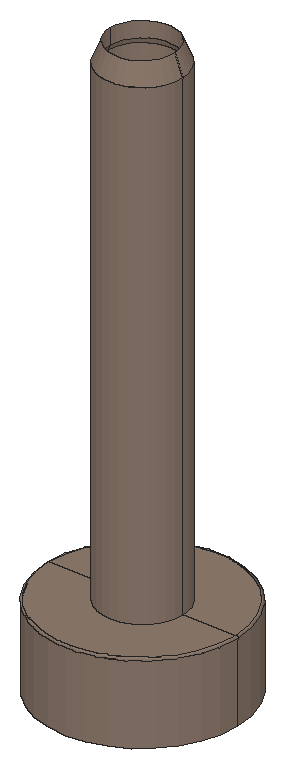
Revit family "CB1701", category Generic Models, Revit 2014
Parameters
  BASE = Bronze, Architectural
Reference planes (in)
  plane 1 "Center (Front/Back)": y = 0
  plane 2: z = 0
  plane 3 "Center (Left/Right)": x = 0
Forms (in)
  Revolve 1, solid, material "Bronze, Architectural" <- "BASE"
    sketch origin (0, 0, 0) x (1, 0, 0) y (0, 0, 1)
      loop
        line (-2.5, 0) -> (-2.125, 0) -> (-2.125, 34.80082) -> (-2, 35.10439) -> (-2, 36.08929) -> (-2.5, 34.875) -> (-2.5, 0)
      axis (0, 36.08929) -> (0, 0)
    angle from 0 to 360
  Revolve 2, solid, material "Bronze, Architectural" <- "BASE"
    sketch origin (0, 0, 0) x (1, 0, 0) y (0, 0, 1)
      loop
        arc (-5.8125, 5) -> (-5.90089, 4.96339) -> (-5.9375, 4.875) r 0.125
        line (-5.9375, 4.875) -> (-5.9375, 0) -> (-5.8125, 0) -> (-5.8125, 4.875) -> (-2.5, 4.875) -> (-2.5, 5) -> (-5.8125, 5)
      axis (0, 5) -> (0, 0)
    angle from 0 to 360
Dimensions and locks (in)
  aligned and locked: plane 2 to level
